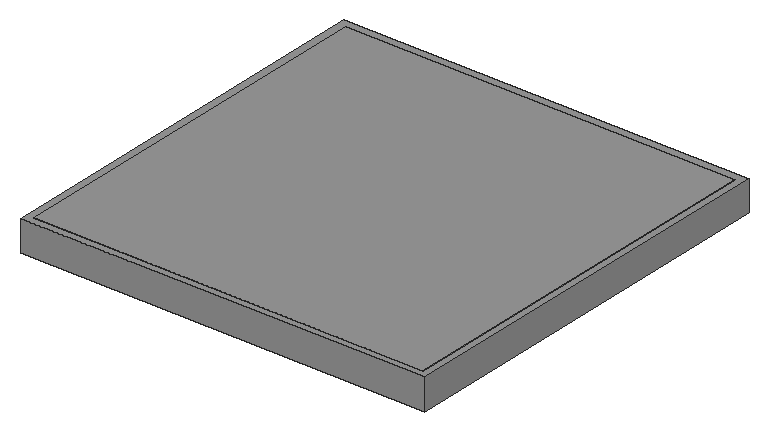
Revit family "ДВО-09 30 Вт Грильято DALI", category Осветительные приборы, Revit 2019 (continued)
Types (6, lengths in mm): name | Эффективность светильника | Файл фотометрической сетки | Тип рассеивателя | Световой поток модуля | built-in parameter 1150142 | Wattage | built-in parameter 1114217 | built-in parameter 1150134 | Lumens | built-in parameter 1150105 | Категория по ограничению яркости | built-in parameter 1150107 | built-in parameter 1150106 | Габаритная яркость | Артикул | URL
    .1 48.4 46.9 45.3 44 42.8 41.8 40.6 39.7 38.7 37.9 36.9 36.1 35.1 34.2 33.2 32.3 31.2 30.3 29.2 28.3 27.3 26.4 25.3 24.3 23.2 22.1 20.8 19.5 18 16.6 14.9 13.4 11.8 10.3 8.7 7.4 6 5 4 3.6 3.3\r\n433.4 433.4 433.2 433.1 432.9 432.7 432.4 432.1 431.8 431.4 431.1 430.8 430.4 429.9 429.3 428.9 428.3 427.7 427 426.4 425.7 424.9 424.2 423.4 422.6 421.7 420.8 420 418.9 417.9 416.7 415.7 414.4 413.2 411.7 410.5 409 407.7 405.9 404.5 402.7 401 399.2 397.4 395.2 393.5 391.2 389.1 386.6 384.2 381.6 379 375.9 373.2 370 367.1 363.4 360.2 356.5 353.1 349.1 345.7 341.6 338.1 333.8 330.2 326 322.4 317.9 314.3 310 306.4 302 298.4 294.3 290.9 286.6 283.3 279.2 275.8 271.8 268.2 264.3 260.7 256.5 252.9 248.8 245.2 240.8 237 232.7 229 224.7 221 216.7 212.8 208.6 204.9 200.6 196.7 192.4 188.6 184.2 180 175.4 171.2 166.5 162.1 157.2 152.8 147.8 143.5 138.5 134.3 129.5 125.3 120.8 117 112.6 108.7 104.7 101.2 97.4 93.9 90.3 87.1 83.6 80.6 77.2 74.4 71.3 68.5 65.7 63.2 60.6 58.5 56.2 54.4 52.3 50.7 49 47.5 46 44.7 43.6 42.7 41.5 40.7 39.8 38.9 38 37.1 36.1 35.2 34.2 33.2 32.1 31.2 30.1 29.1 28.1 27.3 26.2 25.3 24.2 23.1 21.8 20.5 18.9 17.4 15.6 14 12.3 10.8 9.1 7.7 6.2 5.2 4.1 3.6 3.3\r\n433.6 433.6 433.5 433.4 433.3 433.1 432.8 432.4 432.1 431.8 431.5 431.1 430.8 430.4 429.8 429.4 428.9 428.3 427.7 427.1 426.3 425.6 424.9 424.1 423.3 422.4 421.4 420.7 419.6 418.5 417.4 416.4 415.2 414.1 412.6 411.4 409.9 408.5 406.9 405.4 403.7 402.1 400.3 398.6 396.5 394.7 392.5 390.4 387.9 385.7 383.1 380.6 377.6 374.9 371.8 368.9 365.2 362.1 358.3 354.9 350.8 347.2 343 339.2 334.6 330.8 326.2 322.3 317.6 313.6 309.1 305.2 300.5 296.7 292.3 288.5 283.9 280.1 275.7 271.8 267.3 263.4 259 255.1 250.6 246.6 242.3 238.4 233.8 230 225.6 221.7 217.4 213.6 209.3 205.5 201.3 197.7 193.5 189.7 185.6 182 177.9 174.2 170 166.4 162.2 158.4 154.3 150.6 146.4 142.6 138.4 134.8 130.7 126.9 122.9 119.4 115.4 111.8 108 104.6 100.9 97.5 93.9 90.8 87.3 84.3 81 78.1 75 72.3 69.4 66.9 64.2 61.9 59.4 57.4 55.1 53.3 51.4 49.8 48.1 46.7 45.3 44.1 42.8 41.8 40.7 39.7 38.6 37.7 36.6 35.8 34.7 33.7 32.7 31.7 30.6 29.6 28.5 27.6 26.4 25.4 24.1 23 21.6 20.3 18.7 17.3 15.6 14.1 12.5 11.1 9.4 8.1 6.8 5.8 4.8 4.2 3.8\r\n433.7 433.7 433.8 433.8 433.7 433.4 433.2 432.8 432.5 432.2 431.9 431.5 431.2 430.8 430.3 429.9 429.5 428.9 428.3 427.7 427 426.3 425.6 424.8 423.9 423.2 422.1 421.3 420.2 419.2 418.2 417.1 416 414.9 413.5 412.3 410.9 409.4 407.8 406.4 404.7 403.2 401.4 399.8 397.7 395.9 393.8 391.8 389.2 387.2 384.6 382.2 379.2 376.6 373.5 370.7 367.1 363.9 360.2 356.7 352.5 348.7 344.3 340.3 335.5 331.3 326.5 322.3 317.2 313 308.3 304 299.1 295 290.2 286.1 281.1 276.9 272.1 267.8 262.8 258.6 253.7 249.6 244.6 240.3 235.8 231.7 226.9 223 218.5 214.5 210.1 206.2 202 198.1 194 190.4 186.3 182.7 178.8 175.4 171.6 168.3 164.6 161.5 158 154.8 151.3 148.4 144.9 141.7 138.3 135.3 131.8 128.5 125 121.9 118.2 114.9 111.2 108 104.4 101.1 97.6 94.5 91 88 84.7 81.9 78.8 76.1 73.1 70.6 67.7 65.3 62.7 60.5 57.9 55.9 53.8 52.1 50.2 48.6 47 45.6 44.1 42.9 41.7 40.5 39.3 38.3 37.2 36.3 35.2 34.3 33.2 32.2 31.1 30.1 28.9 27.8 26.6 25.5 24.1 22.9 21.4 20 18.5 17.2 15.6 14.2 12.6 11.3 9.8 8.4 7.3 6.3 5.5 4.8 4.3\r\n433.6 433.5 433.5 433.4 433.2 433 432.7 432.4 432.1 431.8 431.3 431 430.5 430.1 429.6 429.1 428.6 428 427.4 426.8 426 425.3 424.6 423.8 422.9 422.1 421 420.2 419.1 418.1 416.9 415.9 414.6 413.4 412 410.7 409.2 407.7 406 404.6 402.9 401.2 399.4 397.8 395.8 394 391.9 390 387.6 385.6 383.1 380.8 378 375.5 372.5 369.8 366.4 363.5 359.8 356.6 352.5 348.9 344.6 340.7 335.9 331.7 326.9 322.6 317.4 312.9 308 303.5 298.3 293.9 288.9 284.6 279.5 275.2 270.3 266.1 261.2 257.1 252.3 248.3 243.6 239.5 235.1 231.2 226.5 222.7 218.3 214.3 209.9 206.1 201.8 197.9 193.7 190.1 185.9 182.1 178 174.5 170.5 166.9 163 159.7 155.9 152.6 148.9 145.7 142.1 138.7 135.2 132.1 128.6 125.3 121.8 118.8 115.2 112.1 108.6 105.5 102.1 99 95.7 92.8 89.6 86.7 83.6 81 78 75.4 72.5 70.1 67.3 64.9 62.3 60.1 57.5 55.5 53.2 51.3 49.2 47.5 45.7 44.1 42.4 41 39.5 38.2 36.8 35.6 34.4 33.3 32.1 31 29.8 28.8 27.6 26.5 25.3 24.2 22.9 21.9 20.5 19.4 18 16.7 15.4 14.2 12.7 11.5 10.1 9 7.7 6.7 5.8 5.2 4.6 4.1 3.8\r\n433.4 433.2 433.1 432.9 432.7 432.5 432.2 432 431.6 431.3 430.8 430.5 429.9 429.4 428.8 428.4 427.8 427.1 426.4 425.8 425 424.3 423.6 422.7 421.9 421 419.9 419 417.9 417 415.6 414.6 413.2 412 410.4 409.1 407.5 405.9 404.3 402.7 401 399.2 397.4 395.8 393.9 392 390 388.2 385.9 383.9 381.5 379.4 376.7 374.4 371.5 369 365.7 363 359.5 356.5 352.5 349 344.9 341 336.3 332.2 327.3 322.9 317.5 312.9 307.6 303 297.5 292.8 287.6 283.2 277.8 273.4 268.5 264.4 259.6 255.5 251 247.1 242.6 238.7 234.4 230.6 226.2 222.3 218.1 214 209.8 206 201.7 197.8 193.5 189.7 185.4 181.5 177.3 173.5 169.3 165.6 161.5 157.9 153.9 150.3 146.4 143 139.2 135.8 132.1 128.9 125.3 122.1 118.7 115.7 112.2 109.2 105.9 103 99.8 97 93.8 91.1 88.2 85.4 82.5 80 77.2 74.6 71.9 69.6 66.9 64.6 62 59.7 57.2 55 52.6 50.5 48.2 46.3 44.3 42.5 40.6 39 37.3 36 34.3 33 31.6 30.3 29 27.8 26.5 25.4 24.1 22.9 21.7 20.6 19.3 18.2 17 15.9 14.6 13.4 12.2 11.1 9.8 8.7 7.6 6.6 5.7 5 4.3 4 3.7 3.5 3.4\r\n433.4 433.3 433.1 433 432.7 432.5 432.2 432 431.6 431.2 430.8 430.5 430 429.6 429.1 428.6 428.1 427.4 426.7 426 425.3 424.5 423.7 422.8 422 421.1 420.1 419.2 418.1 417.1 415.9 414.8 413.5 412.3 410.9 409.6 408.1 406.6 405 403.5 401.8 400.1 398.3 396.6 394.5 392.6 390.6 388.6 386.2 384.1 381.7 379.4 376.5 373.9 370.9 368.2 364.7 361.7 358.1 354.9 350.9 347.4 343.3 339.6 335.1 331.1 326.6 322.5 317.6 313.4 308.5 304.2 299.2 294.9 290 285.8 280.7 276.6 271.9 267.9 263.1 259.2 254.7 250.9 246.3 242.6 238.2 234.5 230 226.2 221.9 217.9 213.7 210 205.7 201.8 197.5 193.9 189.6 185.9 181.7 178 173.8 170 165.9 162.2 157.9 154.2 149.9 146.2 142 138.2 134 130.4 126.3 122.6 118.6 115.2 111.4 108 104.3 101.2 97.7 94.5 91.2 88.3 85.2 82.3 79.2 76.6 73.7 71.1 68.4 66.1 63.4 61.1 58.7 56.6 54.2 52.3 50.2 48.4 46.4 44.8 43.2 41.7 40.2 38.8 37.5 36.4 35.1 34 32.8 31.8 30.6 29.6 28.4 27.4 26.2 25.2 24.1 23.1 21.9 20.8 19.6 18.5 17.2 16 14.6 13.4 12 10.8 9.4 8.2 7 6 5 4.4 3.8 3.5 3.3\r\n433.4 433.4 433.2 433.1 432.8 432.5 432.2 431.9 431.6 431.2 430.8 430.5 430.2 429.8 429.4 428.8 428.3 427.7 426.9 426.2 425.5 424.7 423.8 422.9 422.2 421.2 420.2 419.3 418.3 417.2 416.2 415 413.9 412.7 411.3 410.1 408.7 407.3 405.7 404.2 402.6 400.9 399.1 397.3 395.2 393.3 391.1 389.1 386.6 384.3 381.8 379.3 376.2 373.5 370.3 367.3 363.7 360.4 356.7 353.4 349.3 345.8 341.8 338.2 333.9 330.1 325.9 322.2 317.6 313.8 309.4 305.5 300.9 297 292.4 288.4 283.6 279.8 275.3 271.3 266.6 262.8 258.4 254.6 250.1 246.4 242.1 238.4 233.9 230.1 225.7 221.8 217.6 213.9 209.6 205.8 201.6 198.1 193.9 190.2 186.1 182.5 178.4 174.5 170.3 166.4 162 158 153.4 149.4 144.8 140.5 135.9 131.8 127.3 123.1 118.6 114.8 110.6 106.7 102.8 99.3 95.5 92.1 88.6 85.5 82.1 79.1 75.9 73.3 70.3 67.6 64.8 62.5 59.8 57.7 55.4 53.5 51.2 49.6 47.7 46.3 44.5 43.3 42 40.9 39.7 38.7 37.7 36.9 35.9 35 34.1 33.2 32.2 31.4 30.3 29.4 28.4 27.5 26.4 25.6 24.4 23.4 22.2 21.1 19.7 18.5 17.1 15.7 14.2 12.8 11.3 9.8 8.2 7 5.7 4.8 4 3.5 3.3\r\n433.4 433.4 433.2 433.1 432.8 432.6 432.3 432 431.7 431.3 431 430.6 430.3 429.8 429.4 428.9 428.3 427.7 426.9 426.3 425.6 424.8 424 423.2 422.4 421.5 420.5 419.7 418.6 417.5 416.4 415.4 414.1 412.9 411.5 410.3 408.9 407.5 405.8 404.3 402.6 401 399.1 397.3 395.2 393.4 391.2 389.1 386.6 384.3 381.7 379.2 376.1 373.4 370.2 367.2 363.5 360.3 356.6 353.2 349.2 345.7 341.7 338.1 333.8 330.2 325.9 322.3 317.7 314.1 309.7 305.9 301.4 297.7 293.4 289.7 285.1 281.5 277.3 273.6 269.2 265.5 261.3 257.7 253.3 249.6 245.4 241.8 237.3 233.6 229.2 225.4 221.1 217.5 213.2 209.3 205.1 201.5 197.2 193.5 189.2 185.5 181.3 177.3 172.8 168.8 164.2 160 155.3 151.1 146.3 142 137.2 133 128.4 124.2 119.7 115.9 111.6 107.7 103.7 100.2 96.4 93 89.4 86.3 82.9 79.9 76.6 73.8 70.8 68.1 65.2 62.9 60.2 58.1 55.8 53.9 51.8 50.1 48.4 46.9 45.3 44 42.8 41.8 40.6 39.7 38.7 37.9 36.9 36.1 35.1 34.2 33.2 32.3 31.2 30.3 29.2 28.3 27.3 26.4 25.3 24.3 23.2 22.1 20.8 19.5 18 16.6 14.9 13.4 11.8 10.3 8.7 7.4 6 5 4 3.6 3.3\r\n433.4 433.4 433.2 433.1 432.9 432.7 432.4 432.1 431.8 431.4 431.1 430.8 430.4 429.9 429.3 428.9 428.3 427.7 427 426.4 425.7 424.9 424.2 423.4 422.6 421.7 420.8 420 418.9 417.9 416.7 415.7 414.4 413.2 411.7 410.5 409 407.7 405.9 404.5 402.7 401 399.2 397.4 395.2 393.5 391.2 389.1 386.6 384.2 381.6 379 375.9 373.2 370 367.1 363.4 360.2 356.5 353.1 349.1 345.7 341.6 338.1 333.8 330.2 326 322.4 317.9 314.3 310 306.4 302 298.4 294.3 290.9 286.6 283.3 279.2 275.8 271.8 268.2 264.3 260.7 256.5 252.9 248.8 245.2 240.8 237 232.7 229 224.7 221 216.7 212.8 208.6 204.9 200.6 196.7 192.4 188.6 184.2 180 175.4 171.2 166.5 162.1 157.2 152.8 147.8 143.5 138.5 134.3 129.5 125.3 120.8 117 112.6 108.7 104.7 101.2 97.4 93.9 90.3 87.1 83.6 80.6 77.2 74.4 71.3 68.5 65.7 63.2 60.6 58.5 56.2 54.4 52.3 50.7 49 47.5 46 44.7 43.6 42.7 41.5 40.7 39.8 38.9 38 37.1 36.1 35.2 34.2 33.2 32.1 31.2 30.1 29.1 28.1 27.3 26.2 25.3 24.2 23.1 21.8 20.5 18.9 17.4 15.6 14 12.3 10.8 9.1 7.7 6.2 5.2 4.1 3.6 3.3\r\n433.6 433.6 433.5 433.4 433.3 433.1 432.8 432.4 432.1 431.8 431.5 431.1 430.8 430.4 429.8 429.4 428.9 428.3 427.7 427.1 426.3 425.6 424.9 424.1 423.3 422.4 421.4 420.7 419.6 418.5 417.4 416.4 415.2 414.1 412.6 411.4 409.9 408.5 406.9 405.4 403.7 402.1 400.3 398.6 396.5 394.7 392.5 390.4 387.9 385.7 383.1 380.6 377.6 374.9 371.8 368.9 365.2 362.1 358.3 354.9 350.8 347.2 343 339.2 334.6 330.8 326.2 322.3 317.6 313.6 309.1 305.2 300.5 296.7 292.3 288.5 283.9 280.1 275.7 271.8 267.3 263.4 259 255.1 250.6 246.6 242.3 238.4 233.8 230 225.6 221.7 217.4 213.6 209.3 205.5 201.3 197.7 193.5 189.7 185.6 182 177.9 174.2 170 166.4 162.2 158.4 154.3 150.6 146.4 142.6 138.4 134.8 130.7 126.9 122.9 119.4 115.4 111.8 108 104.6 100.9 97.5 93.9 90.8 87.3 84.3 81 78.1 75 72.3 69.4 66.9 64.2 61.9 59.4 57.4 55.1 53.3 51.4 49.8 48.1 46.7 45.3 44.1 42.8 41.8 40.7 39.7 38.6 37.7 36.6 35.8 34.7 33.7 32.7 31.7 30.6 29.6 28.5 27.6 26.4 25.4 24.1 23 21.6 20.3 18.7 17.3 15.6 14.1 12.5 11.1 9.4 8.1 6.8 5.8 4.8 4.2 3.8\r\n433.7 433.7 433.8 433.8 433.7 433.4 433.2 432.8 432.5 432.2 431.9 431.5 431.2 430.8 430.3 429.9 429.5 428.9 428.3 427.7 427 426.3 425.6 424.8 423.9 423.2 422.1 421.3 420.2 419.2 418.2 417.1 416 414.9 413.5 412.3 410.9 409.4 407.8 406.4 404.7 403.2 401.4 399.8 397.7 395.9 393.8 391.8 389.2 387.2 384.6 382.2 379.2 376.6 373.5 370.7 367.1 363.9 360.2 356.7 352.5 348.7 344.3 340.3 335.5 331.3 326.5 322.3 317.2 313 308.3 304 299.1 295 290.2 286.1 281.1 276.9 272.1 267.8 262.8 258.6 253.7 249.6 244.6 240.3 235.8 231.7 226.9 223 218.5 214.5 210.1 206.2 202 198.1 194 190.4 186.3 182.7 178.8 175.4 171.6 168.3 164.6 161.5 158 154.8 151.3 148.4 144.9 141.7 138.3 135.3 131.8 128.5 125 121.9 118.2 114.9 111.2 108 104.4 101.1 97.6 94.5 91 88 84.7 81.9 78.8 76.1 73.1 70.6 67.7 65.3 62.7 60.5 57.9 55.9 53.8 52.1 50.2 48.6 47 45.6 44.1 42.9 41.7 40.5 39.3 38.3 37.2 36.3 35.2 34.3 33.2 32.2 31.1 30.1 28.9 27.8 26.6 25.5 24.1 22.9 21.4 20 18.5 17.2 15.6 14.2 12.6 11.3 9.8 8.4 7.3 6.3 5.5 4.8 4.3\r\n433.6 433.5 433.5 433.4 433.2 433 432.7 432.4 432.1 431.8 431.3 431 430.5 430.1 429.6 429.1 428.6 428 427.4 426.8 426 425.3 424.6 423.8 422.9 422.1 421 420.2 419.1 418.1 416.9 415.9 414.6 413.4 412 410.7 409.2 407.7 406 404.6 402.9 401.2 399.4 397.8 395.8 394 391.9 390 387.6 385.6 383.1 380.8 378 375.5 372.5 369.8 366.4 363.5 359.8 356.6 352.5 348.9 344.6 340.7 335.9 331.7 326.9 322.6 317.4 312.9 308 303.5 298.3 293.9 288.9 284.6 279.5 275.2 270.3 266.1 261.2 257.1 252.3 248.3 243.6 239.5 235.1 231.2 226.5 222.7 218.3 214.3 209.9 206.1 201.8 197.9 193.7 190.1 185.9 182.1 178 174.5 170.5 166.9 163 159.7 155.9 152.6 148.9 145.7 142.1 138.7 135.2 132.1 128.6 125.3 121.8 118.8 115.2 112.1 108.6 105.5 102.1 99 95.7 92.8 89.6 86.7 83.6 81 78 75.4 72.5 70.1 67.3 64.9 62.3 60.1 57.5 55.5 53.2 51.3 49.2 47.5 45.7 44.1 42.4 41 39.5 38.2 36.8 35.6 34.4 33.3 32.1 31 29.8 28.8 27.6 26.5 25.3 24.2 22.9 21.9 20.5 19.4 18 16.7 15.4 14.2 12.7 11.5 10.1 9 7.7 6.7 5.8 5.2 4.6 4.1 3.8\r\n433.4 433.2 433.1 432.9 432.7 432.5 432.2 432 431.6 431.3 430.8 430.5 429.9 429.4 428.8 428.4 427.8 427.1 426.4 425.8 425 424.3 423.6 422.7 421.9 421 419.9 419 417.9 417 415.6 414.6 413.2 412 410.4 409.1 407.5 405.9 404.3 402.7 401 399.2 397.4 395.8 393.9 392 390 388.2 385.9 383.9 381.5 379.4 376.7 374.4 371.5 369 365.7 363 359.5 356.5 352.5 349 344.9 341 336.3 332.2 327.3 322.9 317.5 312.9 307.6 303 297.5 292.8 287.6 283.2 277.8 273.4 268.5 264.4 259.6 255.5 251 247.1 242.6 238.7 234.4 230.6 226.2 222.3 218.1 214 209.8 206 201.7 197.8 193.5 189.7 185.4 181.5 177.3 173.5 169.3 165.6 161.5 157.9 153.9 150.3 146.4 143 139.2 135.8 132.1 128.9 125.3 122.1 118.7 115.7 112.2 109.2 105.9 103 99.8 97 93.8 91.1 88.2 85.4 82.5 80 77.2 74.6 71.9 69.6 66.9 64.6 62 59.7 57.2 55 52.6 50.5 48.2 46.3 44.3 42.5 40.6 39 37.3 36 34.3 33 31.6 30.3 29 27.8 26.5 25.4 24.1 22.9 21.7 20.6 19.3 18.2 17 15.9 14.6 13.4 12.2 11.1 9.8 8.7 7.6 6.6 5.7 5 4.3 4 3.7 3.5 3.4\r\n433.4 433.3 433.1 433 432.7 432.5 432.2 432 431.6 431.2 430.8 430.5 430 429.6 429.1 428.6 428.1 427.4 426.7 426 425.3 424.5 423.7 422.8 422 421.1 420.1 419.2 418.1 417.1 415.9 414.8 413.5 412.3 410.9 409.6 408.1 406.6 405 403.5 401.8 400.1 398.3 396.6 394.5 392.6 390.6 388.6 386.2 384.1 381.7 379.4 376.5 373.9 370.9 368.2 364.7 361.7 358.1 354.9 350.9 347.4 343.3 339.6 335.1 331.1 326.6 322.5 317.6 313.4 308.5 304.2 299.2 294.9 290 285.8 280.7 276.6 271.9 267.9 263.1 259.2 254.7 250.9 246.3 242.6 238.2 234.5 230 226.2 221.9 217.9 213.7 210 205.7 201.8 197.5 193.9 189.6 185.9 181.7 178 173.8 170 165.9 162.2 157.9 154.2 149.9 146.2 142 138.2 134 130.4 126.3 122.6 118.6 115.2 111.4 108 104.3 101.2 97.7 94.5 91.2 88.3 85.2 82.3 79.2 76.6 73.7 71.1 68.4 66.1 63.4 61.1 58.7 56.6 54.2 52.3 50.2 48.4 46.4 44.8 43.2 41.7 40.2 38.8 37.5 36.4 35.1 34 32.8 31.8 30.6 29.6 28.4 27.4 26.2 25.2 24.1 23.1 21.9 20.8 19.6 18.5 17.2 16 14.6 13.4 12 10.8 9.4 8.2 7 6 5 4.4 3.8 3.5 3.3\r\n433.4 433.4 433.2 433.1 432.8 432.5 432.2 431.9 431.6 431.2 430.8 430.5 430.2 429.8 429.4 428.8 428.3 427.7 426.9 426.2 425.5 424.7 423.8 422.9 422.2 421.2 420.2 419.3 418.3 417.2 416.2 415 413.9 412.7 411.3 410.1 408.7 407.3 405.7 404.2 402.6 400.9 399.1 397.3 395.2 393.3 391.1 389.1 386.6 384.3 381.8 379.3 376.2 373.5 370.3 367.3 363.7 360.4 356.7 353.4 349.3 345.8 341.8 338.2 333.9 330.1 325.9 322.2 317.6 313.8 309.4 305.5 300.9 297 292.4 288.4 283.6 279.8 275.3 271.3 266.6 262.8 258.4 254.6 250.1 246.4 242.1 238.4 233.9 230.1 225.7 221.8 217.6 213.9 209.6 205.8 201.6 198.1 193.9 190.2 186.1 182.5 178.4 174.5 170.3 166.4 162 158 153.4 149.4 144.8 140.5 135.9 131.8 127.3 123.1 118.6 114.8 110.6 106.7 102.8 99.3 95.5 92.1 88.6 85.5 82.1 79.1 75.9 73.3 70.3 67.6 64.8 62.5 59.8 57.7 55.4 53.5 51.2 49.6 47.7 46.3 44.5 43.3 42 40.9 39.7 38.7 37.7 36.9 35.9 35 34.1 33.2 32.2 31.4 30.3 29.4 28.4 27.5 26.4 25.6 24.4 23.4 22.2 21.1 19.7 18.5 17.1 15.7 14.2 12.8 11.3 9.8 8.2 7 5.7 4.8 4 3.5 3.3\r\n433.4 433.4 433.2 433.1 432.8 432.6 432.3 432 431.7 431.3 431 430.6 430.3 429.8 429.4 428.9 428.3 427.7 426.9 426.3 425.6 424.8 424 423.2 422.4 421.5 420.5 419.7 418.6 417.5 416.4 415.4 414.1 412.9 411.5 410.3 408.9 407.5 405.8 404.3 402.6 401 399.1 397.3 395.2 393.4 391.2 389.1 386.6 384.3 381.7 379.2 376.1 373.4 370.2 367.2 363.5 360.3 356.6 353.2 349.2 345.7 341.7 338.1 333.8 330.2 325.9 322.3 317.7 314.1 309.7 305.9 301.4 297.7 293.4 289.7 285.1 281.5 277.3 273.6 269.2 265.5 261.3 257.7 253.3 249.6 245.4 241.8 237.3 233.6 229.2 225.4 221.1 217.5 213.2 209.3 205.1 201.5 197.2 193.5 189.2 185.5 181.3 177.3 172.8 168.8 164.2 160 155.3 151.1 146.3 142 137.2 133 128.4 124.2 119.7 115.9 111.6 107.7 103.7 100.2 96.4 93 89.4 86.3 82.9 79.9 76.6 73.8 70.8 68.1 65.2 62.9 60.2 58.1 55.8 53.9 51.8 50.1 48.4 46.9 45.3 44 42.8 41.8 40.6 39.7 38.7 37.9 36.9 36.1 35.1 34.2 33.2 32.3 31.2 30.3 29.2 28.3 27.3 26.4 25.3 24.3 23.2 22.1 20.8 19.5 18 16.6 14.9 13.4 11.8 10.3 8.7 7.4 6 5 4 3.6 3.3\r\n433.4 433.4 43
